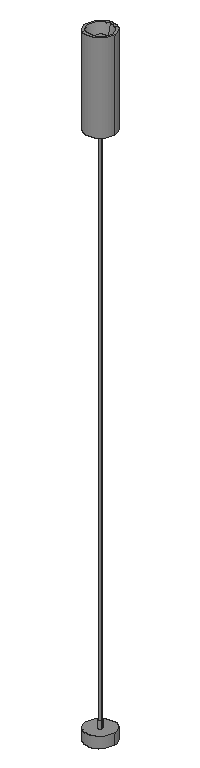
Revit family "2061003 Sylvania Lighting Fixture TubiXx LED pendant 2700K white-black", category Lighting Fixtures, host Face, Revit 2016
Family settings
  Host = Face
  Part Type = Normal
  Round Connector Dimension = Use Diameter
  OmniClass Number = 23.80.70.00
  OmniClass Title = Lighting
  Cut with Voids When Loaded = No
  Light Source = Yes
  Shared = No
  Room Calculation Point = No
Parameters (values of type "2061003 TUBIXX LED PENDANT 2700K WHITE-BLACK")
  Weight = "n/a"
  Wattage Comments = ""
  Wattage = 9.2903 W
  WarrantyStartDate [instance] = "n/a"
  WarrantyGuarantorParts = "n/a"
  WarrantyDurationUnit = "n/a"
  WarrantyDurationParts = ""
  WarrantyDescription = "http://www.sylvania-lighting.com"
  built-in parameter 1150110 = 1 (stored number, unit not read)
  Voltage = 0 V
  URL = "0.95"
  TypeName = "TubiXx LED pendant 2700K white-black"
  Type Image = <None>
  Type Comments = "n/a"
  Tube Length = 250 mm
  Tube Diameter = 80 mm
  built-in parameter 1114217 = 1 (stored number, unit not read)
  Tilt Angle = 90.00°
  built-in parameter 1150109 = 1 (stored number, unit not read)
  built-in parameter 1150134 = 3
  built-in parameter 1150113 = 1 (stored number, unit not read)
  SerialNumber [instance] = "n/a"
  Recess Depth = 28.015 mm
  Photometric Web File = "2061003.ies"
  Material_3_FEILO = none
  PowerFactor = 0
  PowerConsumption = "Lighting"
  NominalLength = 0 mm
  NominalHeight = 0 mm
  NominalDepth = 0 mm
  Name = "TubiXx LED pendant 2700K white-black"
  ModelReference = Name  # "TubiXx LED pendant 2700K white-black"
  ModelNumber = "2061003"
  Model = Name  # "TubiXx LED pendant 2700K white-black"
  Material = "Feilo Sylvania"
  ManufacturerName = "81 lm/W"
  Manufacturer = ""
  LuminousEfficacy = ""
  built-in parameter 1150105 = 109.82 (stored number, unit not read)
  Lumens = 1380 lm
  LuminaireType = "0"
  built-in parameter 1150115 = 1 (stored number, unit not read)
  LightOutputRatio = "LED"
  built-in parameter 1150137 = (empty or 0)
  built-in parameter 1150139 = (empty or 0)
  LampsType = Lamp  # "n/a"
  LampNominalLuminous = "2700 K"
  LampMacAdamStep = "92"
  LampColourTemperature = "LED"
  LampColourRenderingIndex = "16500"
  built-in parameter 1150112 = 1 (stored number, unit not read)
  built-in parameter 1150114 = 1 (stored number, unit not read)
  Lamp = "n/a"
  Keynote = "n/a"
  InstallationDate [instance] = "n/a"
  InputVoltage = "0"
  InputNominalFrequency = "2700"
  built-in parameter 1150132 = (empty or 0)
  built-in parameter 1150102 = (empty or 0)
  built-in parameter 1150107 = 3200 (stored number, unit not read)
  built-in parameter 1150138 = (empty or 0)
  IngressProtection = "IfcLightFixtureType"
  ImpactProtectionIndex = "IfcLightFixtureType"
  built-in parameter 1150106 = 1.0982 (stored number, unit not read)
  IfcExportType = "IfcLightFixtureType"
  IfcExportAs = "Class I"
  ExpectedLife = 50000
  Emit from Circle Diameter = 609.6 mm
  Emit Shape Visible in Rendering = no
  ElectricShockClassification = "81"
  built-in parameter 1150104 = 13.8 (stored number, unit not read)
  DurationUnit = "hours"
  DocumentationLiterature = "http://www.sylvania-lighting.com/product/en-int/products/2061003"
  DimmingControlOptions = "n/a"
  Material_2_FEILO = none
  Dimming Lamp Color Temperature Shift = <None>
  Description = "TubiXx LED Pendant is a decorative pendant fixture with integrated driver, equipped with an integrated non-dimmable LED driver, White finish with Black reflector, colour temperature 2700K, 14W, 1138lm, 81lm/W, IP20, IK02, Class I. Dimensions 250mmx80mm."
  Default Elevation = 1219.2 mm
  CreatedOn = "22/11/2019"
  CreatedBy = "@sylvania-lighting.com"
  Cost = 0
  Color Filter = 16777215
  built-in parameter 1114216 [instance] = (empty or 0)
  ClassificationValue = "EF_70_80"
  ClassificationName = "Uniclass2015"
  Material_1_FEILO = none
  Ceiling Rose Depth = 30 mm
  Cable Length = 1500 mm
  BarCode [instance] = "n/a"
  built-in parameter 1114218 = 1 (stored number, unit not read)
  built-in parameter 1150133 = 10 (stored number, unit not read)
  AssetType = "Fixed"
  AssetIdentifier [instance] = "n/a"
  Assembly Code = "D5020200"
  Apparent Load = 14 VA
  Material_4_FEILO = none
Reference planes
  plane 1 "Center (Front/Back)": y = 0
  plane 2: z = 0
  plane 3 "Center (Left/Right)": x = 0
  plane 4: x = 40
  plane 5: x = -40
  plane 6: y = 40
  plane 7: y = -40
  plane 8: z = 0
  plane 9: z = 30.144
  plane 10: z = 1530.144
  plane 11: z = 1752.129
  plane 12: z = 1780.144
Forms (mm)
  Extrusion 1, solid, material "Aluminum", detail levels medium+fine
    sketch origin (4.2, 0, 0) x (1, 0, 0) y (0, 1, 0)
      loop
        circle (-4.2, 0) r 40
    from 1530.144 to 1780.144
  Blend 2, void
    base sketch origin (4.2, 0, 0) x (0, 1, 0) y (-1, 0, 0)
      loop
        circle (0, 4.2) r 25
    top sketch origin (4.2, 0, 0) x (0, 1, 0) y (-1, 0, 0)
      loop
        circle (0, 4.2) r 34
    from 1752.144 to 1780.144
  Extrusion 3, solid, material "Plastic, Opaque Black", detail levels fine
    sketch origin (3.621, -0.001, 1239.938) x (0, 1, 0) y (1, 0, 0)
      loop
        circle (0.002, -3.635) r 6
    from -290.206 to -270.206
  Extrusion 4, solid, detail levels coarse
    sketch origin (4.25, 0.033, 1530.144) x (0, 1, 0) y (1, 0, 0)
      loop
        line (39.967, 35.75) -> (-40.071, 35.75) -> (-40.071, -44.142) -> (39.967, -44.142) -> (39.967, 35.75)
    from -250 to 1530.144
  Extrusion 5, solid, material "Glass, White, High Luminance", detail levels fine
    sketch origin (4.2, 0, 1752.144) x (0, 1, 0) y (-1, 0, 0)
      loop
        circle (0.004, 4.166) r 25.024
    from 0 to 2
  Extrusion 6, solid, material "Fabric", detail levels medium+fine
    sketch origin (3.621, -0.001, 1219.938) x (-1, 0, 0) y (0, 1, 0)
      loop
        circle (3.63, 0.003) r 3.5
    from -310.206 to 1189.938
  Extrusion 7, solid, material "Plastic, Opaque Black", detail levels fine
    sketch origin (4.2, 0, 30) x (1, 0, 0) y (0, 1, 0)
      loop
        circle (-4.215, 0.002) r 6
    from 0 to 20
  Extrusion 8, solid, material "Aluminum", detail levels medium+fine
    sketch origin (4.2, 0, 0) x (1, 0, 0) y (0, 1, 0)
      loop
        circle (-4.2, 0) r 40
    from 0 to 30
Cuts and joins
  Blend 2 cuts Extrusion 1
Dimensions and locks
  "Tube Diameter": plane 5 to plane 4
  equal spacing: plane 5, plane 3 "Center (Left/Right)", plane 4, locked at 40 each
  "Tube Diameter": plane 6 to plane 7
  equal spacing: plane 6, plane 1 "Center (Front/Back)", plane 7, locked at 40 each
  "Cable Length": plane 10 to plane 9
  "Recess Depth": plane 12 to plane 11
  "Tube Length": plane 12 to plane 10
  aligned and locked: plane 2 to host face
  aligned and locked: level to host face
  aligned and locked: Extrusion 4 to cut or joined group of Extrusion 1, Blend 2
Automatic sketch dimensions
  host sketch curve to host sketch curve = 2438.4 mm  (x2)
  plane 1 "Center (Front/Back)" to Extrusion 1 sketch curve = 0 mm
  Extrusion 1 sketch curve to plane 3 "Center (Left/Right)" = 0 mm
  plane 1 "Center (Front/Back)" to Blend 2 sketch curve = 0 mm  (x2)
  Blend 2 sketch curve to plane 3 "Center (Left/Right)" = 0 mm  (x2)
  Extrusion 4 sketch curve to Extrusion 4 sketch curve = 80.038 mm
  Extrusion 4 sketch curve to Extrusion 4 sketch curve = 79.892 mm
  Extrusion 7 sketch curve to plane 1 "Center (Front/Back)" = 0.002 mm
  Extrusion 7 sketch curve to plane 3 "Center (Left/Right)" = 0.015 mm
  plane 1 "Center (Front/Back)" to Extrusion 8 sketch curve = 0 mm
  Extrusion 8 sketch curve to plane 3 "Center (Left/Right)" = 0 mm
  radius of Extrusion 1 sketch curve = 40 mm
  radius of Blend 2 sketch curve = 25 mm
  radius of Blend 2 sketch curve = 34 mm
  radius of Extrusion 3 sketch curve = 6 mm
  radius of Extrusion 5 sketch curve = 25.024 mm
  radius of Extrusion 6 sketch curve = 3.5 mm
  radius of Extrusion 7 sketch curve = 6 mm
  radius of Extrusion 8 sketch curve = 40 mm
Connectors
  electrical at (0, 0, 0)
    settings: on Extrusion 8, index 1, voltage 0 V, apparent load 0 VA, apparent load phase1 0 VA, apparent load phase2 0 VA, apparent load phase3 0 VA, power factor 1, load classification "Other", number of poles 1, system type 31, power factor state 1, is connector primary yes, connector utility no, sub classification motor no, connector description ""
